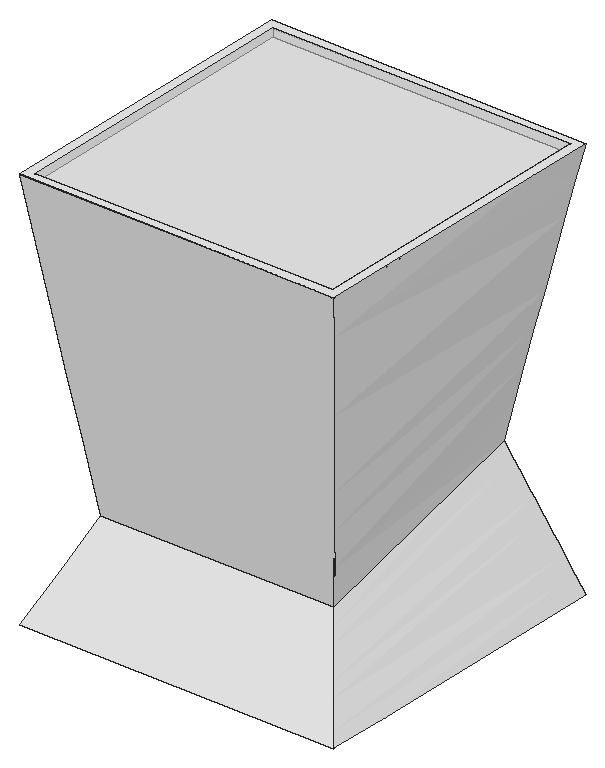
Revit family
Parameters
  Width = 1' - 2"  # constant formula
  URL = "http://elanbydecca.com/"
  Top [instance] = Furniture - DECCA (Elan) - Vertex - Top
  Base [instance] = Furniture - DECCA (Elan) - Vertex - Base
  Product URL = "http://elanbydecca.com/PDFs/elan_tearsheet-vertex.pdf"
  Model = "VT ST100"
  Manufacturer = "Decca Contract"
  Height = 1' - 6"  # constant formula
  Description = "Vertex, Side Table"
  Depth = 1' - 2"  # constant formula
  Assembly Description = "Furniture & Accessories"
  Assembly Code = "E2020200"
Reference planes (in)
  plane 1 "Center Front/Back": y = -0.7524
  plane 2: z = 0
  plane 3 "Center Left/Right": x = 0
  plane 4 "L": x = -7
  plane 5 "R": x = 7
  plane 6 "F": y = -7.7524
  plane 7: y = 6.2476
  plane 8: through (-6.25338, 2.33237, 23.38953) normal (0.4297, -0.4297, 0.7941)
  plane 9: z = 18
  plane 10: z = 17.625
  plane 11: y = 7.2476
  plane 12: y = -8.7524
  plane 13: through (0, 4.67457, 5.97753) normal (0, -0.1896, 0.9819)
  plane 14: z = 3.38545
  plane 15: z = 6.47425
Forms (in)
  Extrusion 1, solid, material "Furniture - DECCA (Elan) - Vertex - Base" <- "Base"
    sketch origin (0, 0, 8.32075) x (0, -1, 0) y (1, 0, 0)
      loop
        line (-6.2476, -7) -> (7.7524, -7) -> (7.7524, 7) -> (-6.2476, 7) -> (-6.2476, -7)
    from -8.32075 to 9.67925
  Extrusion 2, void
    sketch origin (0, 0, 0) x (0, 1, 0) y (0, 0, 1)
      loop
        line (6.2476, 0) -> (6.37335, 0) -> (6.37335, 17.971) -> (6.2476, 17.971) -> (4.67457, 5.97753) -> (6.2476, 0)
      loop
        line (-7.7524, 17.971) -> (-8.2524, 17.971) -> (-8.2524, 0) -> (-7.7524, 0) -> (-5.51083, 4.01124) -> (-7.7524, 17.971)
    from -8.86542 to 9.00469
  Blend 3, void
    base sketch origin (0, -16.42176, 0) x (1, 0, 0) y (0, 0, -1)
      loop
        line (-4.48315, -6.47425) -> (-7, 0) -> (-7.33143, 0) -> (-7.33143, -17.971) -> (-7, -17.971) -> (-4.48315, -6.47425)
    top sketch origin (0, -16.42176, 0) x (1, 0, 0) y (0, 0, -1)
      loop
        line (-5.35645, -3.38545) -> (-7, 0) -> (-7.26092, 0) -> (-7.26092, -17.971) -> (-7, -17.971) -> (-5.35645, -3.38545)
    from 23.66936 to 7.66936
  Blend 4, void
    base sketch origin (0, -16.42176, 0) x (-1, 0, 0) y (0, 0, 1)
      loop
        line (-4.48315, 6.47425) -> (-7, 17.971) -> (-7.33143, 17.971) -> (-7.33143, 0) -> (-7, 0) -> (-4.48315, 6.47425)
    top sketch origin (0, -16.42176, 0) x (-1, 0, 0) y (0, 0, 1)
      loop
        line (-5.35645, 3.38545) -> (-7, 17.971) -> (-7.26092, 17.971) -> (-7.26092, 0) -> (-7, 0) -> (-5.35645, 3.38545)
    from 23.66936 to 7.66936
  Extrusion 5, void
    sketch origin (0, 0, 8.32075) x (0, -1, 0) y (1, 0, 0)
      loop
        line (-5.8726, -6.62494) -> (7.3774, -6.62494) -> (7.3774, 6.625) -> (-5.8726, 6.625) -> (-5.8726, -6.62494)
    from 9.30425 to 12
  Extrusion 6, solid, material "Furniture - DECCA (Elan) - Vertex - Top" <- "Top"
    sketch origin (0, 0, 8.32075) x (0, -1, 0) y (1, 0, 0)
      loop
        line (-5.8726, -6.62494) -> (7.3774, -6.62494) -> (7.3774, 6.625) -> (-5.8726, 6.625) -> (-5.8726, -6.62494)
    from 9.30425 to 9.67925
Cuts and joins
  Extrusion 2, Blend 3, Blend 4, Extrusion 5 cuts Extrusion 1
Dimensions and locks (in)
  equal spacing: plane 4 "L", plane 3 "Center Left/Right", plane 5 "R"
  equal spacing: plane 7, plane 1 "Center Front/Back", plane 6 "F"
  "Width": plane 4 "L" to plane 5 "R"
  "Depth": plane 7 to plane 6 "F"
  "Height": plane 9 to level
  locked: plane 9 to plane 10 at 0.375
  aligned and locked: plane 4 "L" to Extrusion 1 sketch curve
  aligned and locked: plane 7 to Extrusion 1 sketch curve
  aligned and locked: plane 6 "F" to Extrusion 1 sketch curve
  aligned and locked: Extrusion 1 sketch curve to plane 5 "R"
  aligned and locked: Extrusion 1 to level
  aligned and locked: plane 9 to Extrusion 1
  aligned and locked: Extrusion 5 to plane 10
  aligned and locked: plane 9 to Extrusion 6
  aligned and locked: Extrusion 6 to plane 10
Automatic sketch dimensions
  Extrusion 2 sketch curve to level = 0' - 0"  (x2)
  Extrusion 2 sketch curve to plane 6 "F" = 0' - 0"  (x2)
  Extrusion 2 sketch curve to plane 13 = 0' - 0"  (x2)
  Extrusion 2 sketch curve to plane 6 "F" = 0' - 0 1/2"
  plane 7 to Extrusion 2 sketch curve = 0' - 0"
  Extrusion 2 sketch curve to Extrusion 2 sketch curve = 0' - 0.12575"
  Blend 3 sketch curve to level = 0' - 0"  (x2)
  Blend 3 sketch curve to plane 4 "L" = 0' - 0"  (x4)
  Blend 3 sketch curve to plane 15 = 0' - 0"
  Blend 3 sketch curve to Blend 3 sketch curve = 0' - 0.33143"
  Blend 3 sketch curve to plane 4 "L" = 0' - 2.51685"
  plane 9 to Blend 3 sketch curve = 0' - 0.029"  (x2)
  Blend 3 sketch curve to plane 14 = 0' - 0"
  Blend 3 sketch curve to Blend 3 sketch curve = 0' - 0.26092"
  Blend 3 sketch curve to plane 4 "L" = 0' - 1.64355"
  Blend 4 sketch curve to level = 0' - 0"  (x2)
  plane 5 "R" to Blend 4 sketch curve = 0' - 0"  (x4)
  Blend 4 sketch curve to plane 15 = 0' - 0"
  Blend 4 sketch curve to Blend 4 sketch curve = 0' - 0.33143"
  plane 5 "R" to Blend 4 sketch curve = 0' - 2.51685"
  Blend 4 sketch curve to plane 9 = 0' - 0.029"  (x2)
  Blend 4 sketch curve to plane 14 = 0' - 0"
  Blend 4 sketch curve to Blend 4 sketch curve = 0' - 0.26092"
  plane 5 "R" to Blend 4 sketch curve = 0' - 1.64355"
  plane 5 "R" to Extrusion 5 sketch curve = 0' - 0 3/8"
  plane 6 "F" to Extrusion 5 sketch curve = 0' - 0 3/8"
  Extrusion 5 sketch curve to plane 7 = 0' - 0 3/8"
  plane 4 "L" to Extrusion 5 sketch curve = 0' - 0.37506"
  Extrusion 6 sketch curve to plane 7 = 0' - 0 3/8"
  plane 6 "F" to Extrusion 6 sketch curve = 0' - 0 3/8"
  plane 4 "L" to Extrusion 6 sketch curve = 0' - 0.37506"
  plane 5 "R" to Extrusion 6 sketch curve = 0' - 0 3/8"
  Extrusion 2 sketch curve to plane 7 = 0' - 0"
  Extrusion 2 sketch curve to plane 14 = 0' - 0.62579"
  plane 15 to Extrusion 2 sketch curve = 0' - 0.49672"
  Extrusion 2 sketch curve to plane 9 = 0' - 0.029"  (x2)
